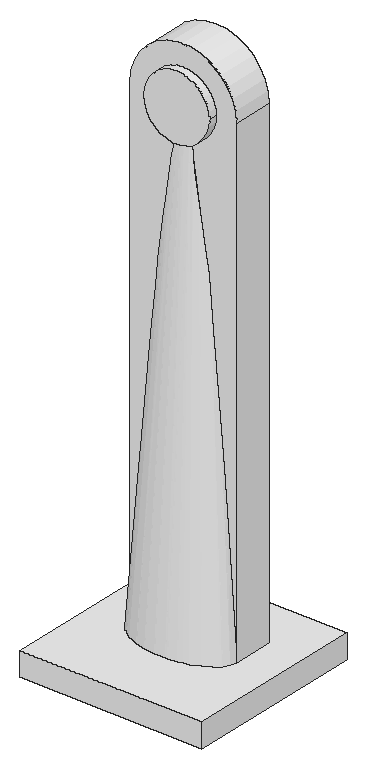
Revit family "Tub_Spout-Grohe-Plus-13405_Series", category Plumbing Fixtures, host Face, Revit 2018
Family settings
  Host = Face
  Round Connector Dimension = Use Diameter
  Part Type = Normal
  OmniClass Number = 23.45.05.14.21.11
  OmniClass Title = Bath/Shower Units
  Cut with Voids When Loaded = No
  Shared = Yes
  Room Calculation Point = No
Parameters (values of type "13405003")
  cUPC Compliant = yes
  Waste Connection = no
  WFU = 4  # constant formula
  Vent Connection = no
  URL = "https://www.grohe.us/"
  Type Comments = ""
  Tempered Water Connection = yes
  Tempered Connection Diameter = 1/2"
  Product Page URL = "https://www.grohe.us/Tub-Fillers/Tub-Spout/GROHE-CHROME-13405003"
  Product Documentation Link = "https://americanstandard.box.com/shared/static/s3miw21a9qikemdgjhho2bvn6r3sign3.pdf"
  Model = "13405003"
  Material = "Metal-Grohe-003-StarLight Chrome"
  Manufacturer = "Grohe"
  Length = 6 5/8"  # constant formula
  Installation Type = "Wall Mounted"
  HWFU = 3  # constant formula
  HW Connection = no
  Finish = Metal-Grohe-003-StarLight Chrome
  Description = "Tub Spout"
  Default Elevation = 21"  # constant formula
  Creation Date = "07/29/2022"  # constant formula
  Compliance Certifications = "• Energy Policy Act of 1992,• ASME A112.18.1/CSA B125.1,• LOGO CEC"
  CWFU = 3  # constant formula
  CW Connection = no
  Assembly Code = "D2020300"
Types (3): name | Product Page URL | Model | Material | Finish
  (no name) | "https://www.grohe.us/Tub-Fillers/Tub-Spout/GROHE-CHROME-13405003" | "13405003" | "Metal-Grohe-003-StarLight Chrome" | Metal-Grohe-003-StarLight Chrome
  13405EN3 | "https://www.grohe.us/Tub-Fillers/Tub-Spout/GROHE-BRUSHED-NICKEL-13405EN3" | "13405EN3" | "Metal-Grohe-EN3-Brushed Nickel Infinity Finish" | Metal-Grohe-EN3-Brushed Nickel Infinity Finish
  13405003 | "https://www.grohe.us/Tub-Fillers/Tub-Spout/GROHE-CHROME-13405003" | "13405003" | "Metal-Grohe-003-StarLight Chrome" | Metal-Grohe-003-StarLight Chrome
Reference planes (in)
  plane 1 "Center (Front/Back)": y = 0
  plane 2: z = 0
  plane 3 "Center (Left/Right)": x = 0
  plane 4: z = 0.3125
  plane 5: z = 6.625
  plane 6: x = 1.1875
  plane 7: x = -1.1875
Forms (in)
  Extrusion 1, solid, material "Metal-Grohe-003-StarLight Chrome" <- "Finish"
    sketch origin (0, 0, 0.68015) x (1, 0, 0) y (0, 0, 1)
      loop
        circle (0, 5.94485) r 0.42815
    from 0 to 0.10908
  Extrusion 2, solid, material "Metal-Grohe-003-StarLight Chrome" <- "Finish"
    sketch origin (0, 0, 0) x (1, 0, 0) y (0, 1, 0)
      loop
        line (-1.1875, 1.1875) -> (-1.1875, -1.1875) -> (1.1875, -1.1875) -> (1.1875, 1.1875) -> (-1.1875, 1.1875)
    from 0 to 0.3125
  Extrusion 3, solid, material "Metal-Grohe-003-StarLight Chrome" <- "Finish"
    sketch origin (0, 0, 0) x (1, 0, 0) y (0, 0, 1)
      loop
        line (0.69886, 0.3125) -> (0.69886, 6.625)
        arc (0.69886, 6.625) -> (0, 7.32386) -> (-0.69886, 6.625) r 0.69886
        line (-0.69886, 6.625) -> (-0.69886, 0.3125) -> (0.69886, 0.3125)
    from -0.53346 to 0
  Blend 4, solid, material "Metal-Grohe-003-StarLight Chrome" <- "Finish"
    base sketch origin (0, 0.15234, 0) x (1, 0, 0) y (0, 1, 0)
      loop
        spline (-0.69886, -0.15) -> (-0.67505, -0.24954) -> (-0.60523, -0.34229) -> (-0.49417, -0.42193) -> (-0.34943, -0.48305) -> (-0.18088, -0.52147) -> (0, -0.53457) -> (0.18088, -0.52147) -> (0.34943, -0.48305) -> (0.49417, -0.42193) -> (0.60523, -0.34229) -> (0.67505, -0.24954) -> (0.69886, -0.15)
        spline (0.69886, -0.15) -> (0.67505, -0.05047) -> (0.60523, 0.04228) -> (0.49417, 0.12193) -> (0.34943, 0.18305) -> (0.18088, 0.22146) -> (0, 0.23457) -> (-0.18088, 0.22146) -> (-0.34943, 0.18305) -> (-0.49417, 0.12193) -> (-0.60523, 0.04228) -> (-0.67505, -0.05047) -> (-0.69886, -0.15)
    top sketch origin (0, 0.15234, 0) x (1, 0, 0) y (0, 1, 0)
      loop
        spline (-0.25, -0.00156) -> (-0.24148, -0.03676) -> (-0.21651, -0.06957) -> (-0.17678, -0.09774) -> (-0.125, -0.11935) -> (-0.0647, -0.13294) -> (0, -0.13757) -> (0.0647, -0.13294) -> (0.125, -0.11935) -> (0.17678, -0.09774) -> (0.21651, -0.06957) -> (0.24148, -0.03676) -> (0.25, -0.00156)
        spline (0.25, -0.00156) -> (0.24148, 0.03364) -> (0.21651, 0.06644) -> (0.17678, 0.09461) -> (0.125, 0.11622) -> (0.0647, 0.12981) -> (0, 0.13444) -> (-0.0647, 0.12981) -> (-0.125, 0.11622) -> (-0.17678, 0.09461) -> (-0.21651, 0.06644) -> (-0.24148, 0.03364) -> (-0.25, -0.00156)
    from 0.3125 to 6.625
Cuts and joins
  joined: Extrusion 1, Extrusion 2, Extrusion 3, Blend 4
Lines and regions (in)
  Masking region 1
    outline origin (0, 0, 0) x (1, 0, 0) y (0, 0, 1)
      loop
        line (1.1875, 0.3125) -> (0.69886, 0.3125) -> (0.69886, 6.625)
        arc (0.69886, 6.625) -> (0, 7.32386) -> (-0.69886, 6.625) r 0.69886
        line (-0.69886, 6.625) -> (-0.69886, 0.3125) -> (-1.1875, 0.3125) -> (-1.1875, 0) -> (1.1875, 0) -> (1.1875, 0.3125)
  symbolic lines, style "PlumbingFixtures", detail levels medium+fine
    curve 1: line (0.69886, 0, 0.3125) -> (-0.69886, 0, 0.3125)
  symbolic lines, detail levels medium+fine
    curve 2: line (1.1875, 0, 0.3125) -> (-1.1875, 0, 0.3125)
Dimensions and locks (in)
  plane 4 to level = 5/16"
  "Length": plane 5 to level
  aligned and locked: plane 2 to host face
  aligned and locked: level to host face
  aligned and locked: plane 5 to Extrusion 1 sketch curve
  aligned and locked: plane 3 "Center (Left/Right)" to Extrusion 1 sketch curve
  aligned and locked: plane 5 to Extrusion 3 sketch curve
  aligned and locked: plane 1 "Center (Front/Back)" to Extrusion 3
  aligned and locked: curve 2 to cut or joined group of Extrusion 1, Extrusion 2, Extrusion 3, Blend 4
Automatic sketch dimensions
  curve 1 to plane 4 = 0"
  plane 7 to curve 1 = 0.48864"
  plane 6 to curve 1 = 0.48864"
  host sketch curve to host sketch curve = 96"  (x2)
  Extrusion 2 sketch curve to plane 7 = 0"
  Extrusion 2 sketch curve to plane 6 = 0"
  plane 1 "Center (Front/Back)" to Extrusion 2 sketch curve = 1 3/16"
  Extrusion 2 sketch curve to plane 1 "Center (Front/Back)" = 1 3/16"
  Extrusion 3 sketch curve to plane 4 = 0"
  Extrusion 3 sketch curve to plane 3 "Center (Left/Right)" = 0"
  plane 7 to Extrusion 3 sketch curve = 0.48864"
  Blend 4 sketch curve to plane 3 "Center (Left/Right)" = 0"  (x2)
  Blend 4 sketch curve to plane 1 "Center (Front/Back)" = 0.00234"
  plane 7 to Blend 4 sketch curve = 0.48864"
  Blend 4 sketch curve to plane 1 "Center (Front/Back)" = 0.15078"
  Blend 4 sketch curve to Blend 4 sketch curve = 1/4"
  Masking region 1 sketch curve to plane 7 = 0"
  Masking region 1 sketch curve to plane 5 = 0"
  Masking region 1 sketch curve to plane 3 "Center (Left/Right)" = 0"
  Masking region 1 sketch curve to level = 0"
  plane 6 to Masking region 1 sketch curve = 0"
  Masking region 1 sketch curve to plane 4 = 0"  (x2)
  plane 7 to Masking region 1 sketch curve = 0.48864"
  curve 2 to plane 7 = 0"
  plane 6 to curve 2 = 0"
  radius of Extrusion 1 sketch curve = 0.42815"
Connectors (in)
  piping at (0, 0, 0), diameter 0.5, driven by "Tempered Connection Diameter"
    settings: on cut or joined group of Extrusion 1, Extrusion 2, Extrusion 3, Blend 4, index 1, connector inside diameter 24", connector length 0", flow factor 0, pipe flow 0 GPM, pressure drop 0.00 psi, fitting loss kfactor 0, connector angle 0.00°, fixture units 0, engagement length 0", angle of deflection 0.00°, flow configuration 0, flow direction 1, fitting loss method 0, system type 29, joint type 0, gender type 0, connector reference index -1, connector utility 0, adjustable connector no, is connector primary yes, connector description "1/2\" NPT Supply Inlet"
